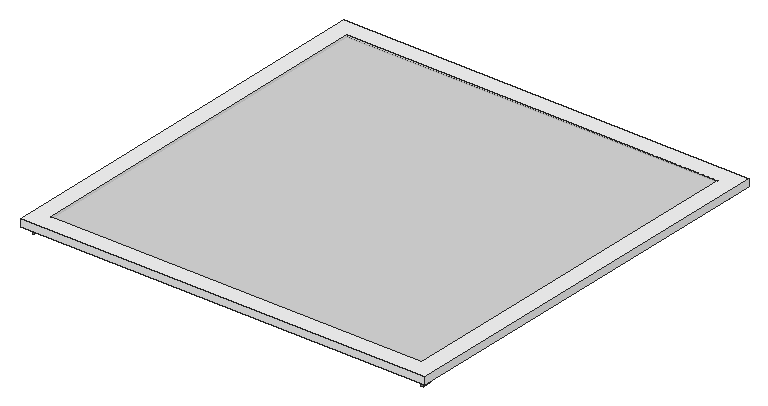
Revit family "0047445 Feilo Sylvania Lighting Fixtures START FLAT PANEL LED 600 WW DALI_1-10V", category Lighting Fixtures, host Face, Revit 2017
Family settings
  Host = Face
  Round Connector Dimension = Use Diameter
  Part Type = Normal
  OmniClass Number = 23.80.70.11.17
  OmniClass Title = Specialized Lighting by Location or Use
  Cut with Voids When Loaded = No
  Light Source = Yes
  Shared = No
  Room Calculation Point = No
Parameters (values of type "0047445 START FLAT PANEL LED 600 WW DALI/1-10V")
  Weight = "6.194 kg"
  Wattage = 0 W
  WarrantyStartDate [instance] = "n/a"
  WarrantyGuarantorParts = "n/a"
  WarrantyDurationUnit = "n/a"
  WarrantyDurationParts = "n/a"
  WarrantyDescription = "n/a"
  built-in parameter 1150110 = 1 (stored number, unit not read)
  Voltage = 230 V
  URL = "http://www.sylvania-lighting.com"
  TypeName = "START FLAT PANEL LED 600 WW DALI/1-10V"
  built-in parameter 1114217 = 1 (stored number, unit not read)
  Tilt Angle = -90.00°
  built-in parameter 1150109 = 1 (stored number, unit not read)
  built-in parameter 1150134 = (empty or 0)
  built-in parameter 1150113 = 1 (stored number, unit not read)
  SerialNumber [instance] = "n/a"
  PowerFactor = 0
  PowerConsumption = "0 W"
  Photometric Web File = ""
  NominalWidth = 0.0 mm
  NominalLength = 595.0 mm
  NominalHeight = 10.5 mm
  Name = "START FLAT PANEL LED 600 WW DALI/1-10V"
  ModelReference = "START FLAT PANEL LED 600 WW DALI/1-10V"
  ModelNumber = "0047445"
  Material = "powder coated steel housing, acrylic pmma diffuser"
  ManufacturerName = "Feilo Sylvania"
  LuminousEfficacy = "84 lm/W"
  LuminaireType = ""
  LightOutputRatio = "100"
  LampsType = Lamp  # "Integrated LED"
  LampNominalLuminous = "3570 lm"
  LampMacAdamStep = "n/a"
  LampColourTemperature = "3000 K"
  LampColourRenderingIndex = "0"
  Keynote = "16500"
  InstallationDate [instance] = "n/a"
  InputVoltage = "220-240V~"
  InputNominalFrequency = "50/60 Hz"
  IngressProtection = "IP20"
  ImpactProtectionIndex = "IK05"
  IfcExportType = "IfcLightFixtureType"
  IfcExportAs = "IfcLightFixtureType"
  ExpectedLife = 50000
  ElectricShockClassification = "Class II"
  DurationUnit = "hours"
  DocumentationLiterature = "http://www.sylvania-lighting.com/product/en-int/products/0047445"
  DimmingControlOptions = "Dimmable"
  DiffuserMaterial = Polycarbonate_Sylvania_Startflat Panel LED_Opal
  Cutout Width = 574.0 mm
  Cutout Length = 574.0 mm
  CreatedOn = "11/30/2017"
  CreatedBy = ""
  built-in parameter 1114216 [instance] = 1 (stored number, unit not read)
  built-in parameter 1150142 = (empty or 0)
  Model = "START FLAT PANEL LED 600 WW DALI/1-10V"
  Manufacturer = "Feilo-Sylvania Group"
  built-in parameter 1150105 = (empty or 0)
  Lumens = 0 lm
  built-in parameter 1150115 = 1 (stored number, unit not read)
  built-in parameter 1150137 = (empty or 0)
  built-in parameter 1150139 = (empty or 0)
  built-in parameter 1150112 = 1 (stored number, unit not read)
  built-in parameter 1150114 = 1 (stored number, unit not read)
  Lamp = "Integrated LED"  # constant formula
  built-in parameter 1150132 = 2
  built-in parameter 1150102 = (empty or 0)
  built-in parameter 1150107 = 3000 (stored number, unit not read)
  built-in parameter 1150138 = (empty or 0)
  built-in parameter 1150106 = (empty or 0)
  BodyMaterial = Metal_Sylvania_Startflat Panel LED_White
  Emit from Rectangle Width = 545.0 mm
  Emit from Rectangle Length = 545.0 mm
  Emit Shape Visible in Rendering = no
  built-in parameter 1150104 = 7.8039 (stored number, unit not read)
  Dimming Lamp Color Temperature Shift = <None>
  Description = "Ultra thin LED Panel, excellent uniformity of light, perfect for ceilings with low voids, high efficacy.Ulta thin edgelit LED 600x600mm Panel with, excellent uniform light distribution. Acrylic PMMA diffuser optimising light output whilst reducing glare. 4239lm 93lm/W."  # constant formula
  Default Elevation = 0.0 mm
  Color Filter = 16777215
  built-in parameter 1140040 [instance] = 1
  BarCode [instance] = "n/a"
  built-in parameter 1114218 = 1 (stored number, unit not read)
  built-in parameter 1150133 = 10 (stored number, unit not read)
  AssetType = "Fixed"
  AssetIdentifier [instance] = "n/a"
  Assembly Code = "D5020200"
  Apparent Load = 0 VA
  MountingMaterial = Metal_Sylvania_Startflat Panel LED_Silver
Reference planes
  plane 1 "Center (Front/Back)": y = 0
  plane 2 "Fixture Top": z = 0
  plane 3 "Center (Left/Right)": x = 0
  plane 4: x = 295.5
  plane 5: x = -295.5
  plane 6 "Fixture Back": y = 297.5
  plane 7 "Fixture Front": y = -297.5
  plane 8 "Fixture Left": x = -297.5
  plane 9 "Fixture Right": x = 297.5
  plane 10: y = 295.5
  plane 11: y = -295.5
  plane 12: x = 272.5
  plane 13: x = -272.5
  plane 14: y = 272.5
  plane 15: y = -272.5
  plane 16: x = -287
  plane 17: x = 287
  plane 18: y = 287
  plane 19: y = -287
  plane 20 "Fixture Bottom": z = 10.5
  plane 21: z = 8.5
  plane 22: z = 6.5
  plane 23: z = -10
  plane 24: z = 2
Forms (mm)
  Extrusion 1, void
    sketch origin (0, 0, 60) x (-1, 0, 0) y (0, -1, 0)
      loop
        line (287, -287) -> (287, 287) -> (-287, 287) -> (-287, -287) -> (287, -287)
    from -70 to -60
  Extrusion 2, solid, material "Metal_Sylvania_Startflat Panel LED_White" <- "BodyMaterial", detail levels fine
    sketch origin (0, 0, 60) x (-1, 0, 0) y (0, -1, 0)
      loop
        line (297.5, -297.5) -> (297.5, 297.5) -> (-297.5, 297.5) -> (-297.5, -297.5) -> (297.5, -297.5)
      loop
        line (272.5, -272.5) -> (272.5, 272.5) -> (-272.5, 272.5) -> (-272.5, -272.5) -> (272.5, -272.5)
    from -51.5 to -49.5
  Extrusion 3, solid, material "Metal_Sylvania_Startflat Panel LED_White" <- "BodyMaterial", detail levels fine
    sketch origin (0, 0, 60) x (-1, 0, 0) y (0, -1, 0)
      loop
        line (297.5, -297.5) -> (297.5, 297.5) -> (-297.5, 297.5) -> (-297.5, -297.5) -> (297.5, -297.5)
      loop
        line (295.5, -295.5) -> (295.5, 295.5) -> (-295.5, 295.5) -> (-295.5, -295.5) -> (295.5, -295.5)
    from -60 to -51.5
  Extrusion 4, solid, material "Polycarbonate_Sylvania_Startflat Panel LED_Opal" <- "DiffuserMaterial", detail levels fine
    sketch origin (0, 0, 60) x (-1, 0, 0) y (0, -1, 0)
      loop
        line (295.5, -295.5) -> (295.5, 295.5) -> (-295.5, 295.5) -> (-295.5, -295.5) -> (295.5, -295.5)
    from -53.5 to -51.5
  Extrusion 5, solid, material "Metal_Sylvania_Startflat Panel LED_Silver" <- "MountingMaterial", detail levels fine
    sketch origin (0, 0, 60) x (-1, 0, 0) y (0, -1, 0)
      loop
        line (287, -287) -> (287, -272.5) -> (284, -272.5) -> (284, -287) -> (287, -287)
      loop
        line (-284, -287) -> (-284, -272.5) -> (-287, -272.5) -> (-287, -287) -> (-284, -287)
      loop
        line (-284, 272.5) -> (-284, 287) -> (-287, 287) -> (-287, 272.5) -> (-284, 272.5)
      loop
        line (284, 272.5) -> (287, 272.5) -> (287, 287) -> (284, 287) -> (284, 272.5)
    from -70 to -60
  Extrusion 6, solid, material "Metal_Sylvania_Startflat Panel LED_White" <- "BodyMaterial", detail levels fine
    sketch origin (0, 0, 60) x (-1, 0, 0) y (0, -1, 0)
      loop
        line (297.5, -297.5) -> (297.5, 297.5) -> (-297.5, 297.5) -> (-297.5, -297.5) -> (297.5, -297.5)
    from -60 to -58
  Extrusion 7, solid, material "Metal_Sylvania_Startflat Panel LED_White" <- "BodyMaterial", detail levels coarse+medium
    sketch origin (0, 0, 60) x (-1, 0, 0) y (0, -1, 0)
      loop
        line (297.5, -297.5) -> (297.5, 297.5) -> (-297.5, 297.5) -> (-297.5, -297.5) -> (297.5, -297.5)
    from -60 to -49.5
Cuts and joins
  joined: Extrusion 2, Extrusion 3, Extrusion 6
Dimensions and locks
  equal spacing: plane 6 "Fixture Back", plane 1 "Center (Front/Back)", plane 7 "Fixture Front"
  locked: plane 6 "Fixture Back" to plane 7 "Fixture Front" at 595
  equal spacing: plane 8 "Fixture Left", plane 3 "Center (Left/Right)", plane 9 "Fixture Right"
  locked: plane 8 "Fixture Left" to plane 9 "Fixture Right" at 595
  locked: plane 8 "Fixture Left" to plane 5 at 2
  locked: plane 4 to plane 9 "Fixture Right" at 2
  locked: plane 6 "Fixture Back" to plane 10 at 2
  locked: plane 11 to plane 7 "Fixture Front" at 2
  locked: plane 12 to plane 9 "Fixture Right" at 25
  locked: plane 8 "Fixture Left" to plane 13 at 25
  locked: plane 6 "Fixture Back" to plane 14 at 25
  locked: plane 15 to plane 7 "Fixture Front" at 25
  equal spacing: plane 16, plane 3 "Center (Left/Right)", plane 17
  "Cutout Length": plane 16 to plane 17
  equal spacing: plane 18, plane 1 "Center (Front/Back)", plane 19
  "Cutout Width": plane 18 to plane 19
  locked: plane 20 "Fixture Bottom" to plane 2 "Fixture Top" at 10.5
  plane 20 "Fixture Bottom" to plane 21 to plane 22 = 2.0 mm locked, 2.0 mm locked
  locked: plane 2 "Fixture Top" to plane 23 at 10
  locked: plane 16 to Extrusion 5 sketch curve at 3
  locked: Extrusion 5 sketch curve to plane 17 at 3
  locked: plane 24 to plane 2 "Fixture Top" at 2
  aligned and locked: level to host face
  aligned and locked: imposter light to plane 1 "Center (Front/Back)"
  aligned and locked: plane 2 "Fixture Top" to Extrusion 1
  aligned and locked: Extrusion 2 sketch curve to plane 6 "Fixture Back"
  aligned and locked: plane 8 "Fixture Left" to Extrusion 2 sketch curve
  aligned and locked: plane 7 "Fixture Front" to Extrusion 2 sketch curve
  aligned and locked: Extrusion 2 sketch curve to plane 9 "Fixture Right"
  aligned and locked: Extrusion 2 sketch curve to plane 14
  aligned and locked: plane 13 to Extrusion 2 sketch curve
  aligned and locked: plane 15 to Extrusion 2 sketch curve
  aligned and locked: Extrusion 2 sketch curve to plane 12
  aligned and locked: Extrusion 3 sketch curve to Extrusion 2  (x4)
  aligned and locked: Extrusion 3 sketch curve to plane 10
  aligned and locked: plane 5 to Extrusion 3 sketch curve
  aligned and locked: plane 11 to Extrusion 3 sketch curve
  aligned and locked: Extrusion 3 sketch curve to plane 4
  aligned and locked: Extrusion 4 sketch curve to cut or joined group of Extrusion 2, Extrusion 3, Extrusion 6  (x4)
  aligned and locked: plane 16 to Extrusion 1 sketch curve
  aligned and locked: Extrusion 1 sketch curve to plane 17
  aligned and locked: Extrusion 1 sketch curve to plane 18
  aligned and locked: plane 19 to Extrusion 1 sketch curve
  aligned and locked: plane 20 "Fixture Bottom" to cut or joined group of Extrusion 2, Extrusion 3, Extrusion 6
  aligned and locked: cut or joined group of Extrusion 2, Extrusion 3, Extrusion 6 to plane 21
  aligned and locked: plane 21 to cut or joined group of Extrusion 2, Extrusion 3, Extrusion 6
  aligned and locked: cut or joined group of Extrusion 2, Extrusion 3, Extrusion 6 to plane 2 "Fixture Top"
  aligned and locked: plane 21 to Extrusion 4
  aligned and locked: Extrusion 4 to plane 22
  aligned and locked: level to plane 2 "Fixture Top"
  aligned and locked: plane 3 "Center (Left/Right)" to imposter light
  aligned and locked: plane 20 "Fixture Bottom" to imposter light
  aligned and locked: Extrusion 5 sketch curve to plane 18  (x2)
  aligned and locked: plane 16 to Extrusion 5 sketch curve
  aligned and locked: cut or joined group of Extrusion 2, Extrusion 3, Extrusion 6 to Extrusion 5 sketch curve  (x3)
  aligned and locked: plane 14 to Extrusion 5 sketch curve
  aligned and locked: Extrusion 5 sketch curve to plane 17  (x2)
  aligned and locked: plane 19 to Extrusion 5 sketch curve
  aligned and locked: Extrusion 5 sketch curve to plane 19
  aligned and locked: Extrusion 5 sketch curve to plane 16
  aligned and locked: Extrusion 5 to plane 23
  aligned and locked: Extrusion 5 sketch curve to Extrusion 5 sketch curve  (x2)
  aligned and locked: Extrusion 6 sketch curve to cut or joined group of Extrusion 2, Extrusion 3, Extrusion 6  (x4)
  aligned and locked: Extrusion 6 to plane 2 "Fixture Top"
  aligned and locked: plane 24 to Extrusion 6
  aligned and locked: plane 2 "Fixture Top" to Extrusion 5
  aligned and locked: Extrusion 7 sketch curve to cut or joined group of Extrusion 2, Extrusion 3, Extrusion 6  (x4)
  aligned and locked: Extrusion 7 to plane 2 "Fixture Top"
  aligned and locked: plane 20 "Fixture Bottom" to Extrusion 7
  aligned and locked: Extrusion 1 to Extrusion 5
Automatic sketch dimensions
  host sketch curve to host sketch curve = 1461.012 mm
  host sketch curve to host sketch curve = 1283.632 mm
Connectors
  electrical at (0, 0, 0), driven by "Apparent Load"
    settings: on cut or joined group of Extrusion 2, Extrusion 3, Extrusion 6, index 1, voltage 230 V, apparent load 0 VA, apparent load phase1 0 VA, apparent load phase2 0 VA, apparent load phase3 0 VA, power factor 1, load classification "Lighting", number of poles 1, system type 31, power factor state 1, is connector primary yes, connector utility no, sub classification motor no, connector description ""
